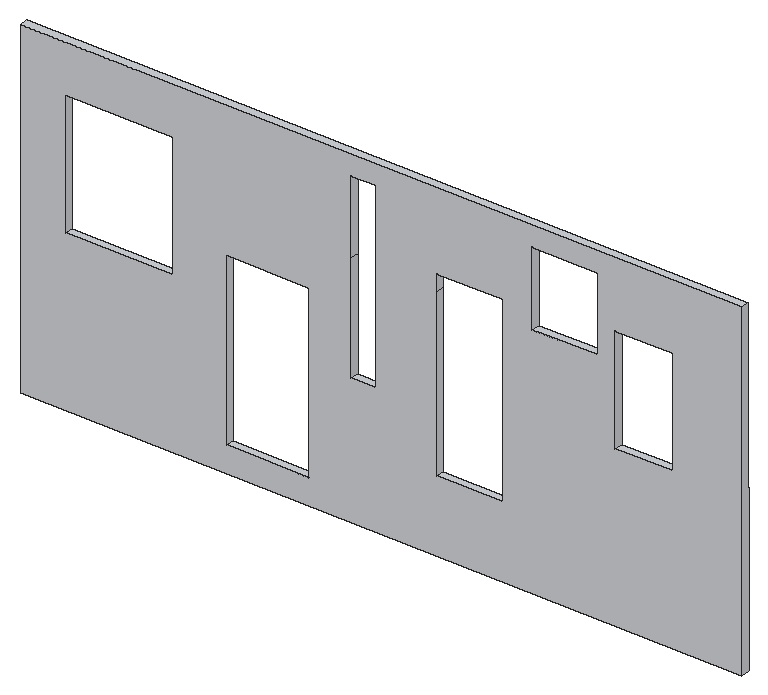
Revit family "TPP_pannello2_family", category Generic Models, Revit 2016
Family settings
  Part Type = Normal
  Can host rebar = No
  Round Connector Dimension = Use Diameter
  Work Plane-Based = No
  Always vertical = Yes
  Cut with Voids When Loaded = No
  Shared = No
  Room Calculation Point = No
Parameters
  altezza pannello = 400 cm
  Spessore pannello = 10 cm
  Larghezza Pannello = 875 cm
Reference planes (cm)
  plane 1 "Center (Front/Back)": y = 0
  plane 2: z = 0
  plane 3 "Center (Left/Right)": x = 0
  plane 4: x = 875
  plane 5: y = 10
  plane 6: y = 20
  plane 7: z = 400
Forms (cm)
  Extrusion 1, solid
    sketch origin (0, 0, 0) x (1, 0, 0) y (0, 0, 1)
      loop
        line (0, 400) -> (0, 0) -> (875, 0) -> (875, 400) -> (0, 400)
      loop
        line (250, 30.6141) -> (350, 30.6141) -> (350, 236.8852) -> (250, 236.8852) -> (250, 30.6141)
      loop
        line (54.7766, 342.317) -> (54.7766, 192.317) -> (184.7766, 192.317) -> (184.7766, 342.317) -> (54.7766, 342.317)
      loop
        line (400.8554, 286.6435) -> (400.8554, 156.6435) -> (430.8554, 156.6435) -> (430.8554, 376.6435) -> (400.8554, 376.6435) -> (400.8554, 286.6435)
      loop
        line (504.679, 286.6435) -> (504.679, 86.6435) -> (584.679, 86.6435) -> (584.679, 306.6435) -> (504.679, 306.6435) -> (504.679, 286.6435)
      loop
        line (620.8554, 376.6435) -> (620.8554, 286.6435) -> (700.8554, 286.6435) -> (700.8554, 376.6435) -> (620.8554, 376.6435)
      loop
        line (721.4277, 320.7108) -> (721.4277, 192.317) -> (791.4277, 192.317) -> (791.4277, 320.7108) -> (721.4277, 320.7108)
    from -20 to -10
Dimensions and locks (cm)
  "Larghezza Pannello": plane 3 "Center (Left/Right)" to plane 4
  "Spessore pannello": plane 6 to plane 5
  "altezza pannello": plane 7 to level
  aligned and locked: level to plane 2
  aligned and locked: plane 7 to Extrusion 1
  aligned and locked: plane 4 to Extrusion 1
  aligned and locked: Extrusion 1 to level
  aligned and locked: Extrusion 1 to plane 3 "Center (Left/Right)"
  aligned and locked: plane 6 to Extrusion 1
  aligned and locked: Extrusion 1 to plane 5
Automatic sketch dimensions
  plane 3 "Center (Left/Right)" to Extrusion 1 sketch curve = 0 cm
  level to Extrusion 1 sketch curve = 30.6141 cm
  plane 3 "Center (Left/Right)" to Extrusion 1 sketch curve = 54.7766 cm
  Extrusion 1 sketch curve to plane 7 = 57.683 cm
  Extrusion 1 sketch curve to Extrusion 1 sketch curve = 130 cm
  Extrusion 1 sketch curve to Extrusion 1 sketch curve = 65.2234 cm
  Extrusion 1 sketch curve to Extrusion 1 sketch curve = 100 cm
  Extrusion 1 sketch curve to plane 7 = 23.3565 cm  (x2)
  Extrusion 1 sketch curve to Extrusion 1 sketch curve = 50.8554 cm
  Extrusion 1 sketch curve to Extrusion 1 sketch curve = 30 cm
  Extrusion 1 sketch curve to Extrusion 1 sketch curve = 73.8236 cm
  Extrusion 1 sketch curve to Extrusion 1 sketch curve = 80 cm  (x2)
  Extrusion 1 sketch curve to Extrusion 1 sketch curve = 36.1764 cm
  Extrusion 1 sketch curve to Extrusion 1 sketch curve = 20.5723 cm
  Extrusion 1 sketch curve to Extrusion 1 sketch curve = 70 cm  (x2)
  plane 4 to Extrusion 1 sketch curve = 0 cm
  Extrusion 1 sketch curve to level = 0 cm
  level to Extrusion 1 sketch curve = 86.6435 cm
  level to Extrusion 1 sketch curve = 192.317 cm
  Extrusion 1 sketch curve to Extrusion 1 sketch curve = 150 cm
  Extrusion 1 sketch curve to Extrusion 1 sketch curve = 44.5682 cm
  Extrusion 1 sketch curve to Extrusion 1 sketch curve = 90 cm  (x2)
  Extrusion 1 sketch curve to plane 7 = 113.3565 cm
  Extrusion 1 sketch curve to Extrusion 1 sketch curve = 20 cm
  plane 7 to Extrusion 1 sketch curve = 0 cm
  Extrusion 1 sketch curve to plane 7 = 79.2892 cm
